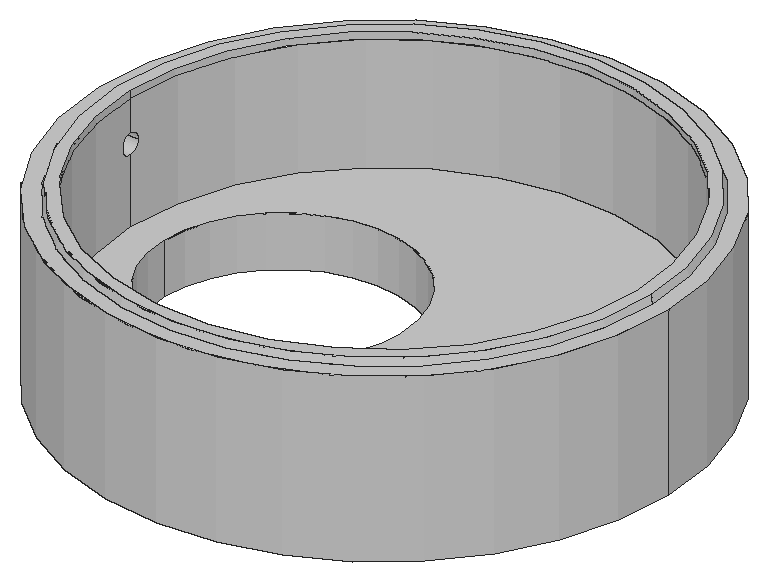
Revit family "KSPF.V 15.5", category Фундамент несущей конструкции, Revit 2025
Family settings
  Материал для поведения модели = Прочее
  Заглушка = Нет
  Номер OmniClass = 23.25.05.00
  Заголовок OmniClass = Foundations
  На основе рабочей плоскости = Нет
  Всегда вертикально = Да
  При загрузке вырезать с полостями = Нет
  Общий = Нет
  Показывать семейство разрезанным на планах = Да
Parameters
  Петля = Петля_П1_П2 : П2
Reference planes
  plane 1 "По центру (Вперед/Назад)": y = -35
  plane 2: z = 0
  plane 3 "По центру (Влево/Вправо)": x = 0
  plane 4: z = 510
  plane 5: z = 490
  plane 6: z = 480
  plane 7: x = -750
  plane 8: x = -840
  plane 9: x = 750
  plane 10: x = 840
  plane 11: z = 370
  plane 12: x = 830
  plane 13: x = -830
  plane 14: x = -786
  plane 15: through (-793.35, -4572, 490) normal (-0.9386, 0, 0.3449)
  plane 16: x = 786
  plane 17: through (793.35, -4572, 490) normal (-0.9386, 0, -0.3449)
  plane 18: z = 150
  plane 19: x = -650
  plane 20: x = 50
  plane 21: x = -300
Forms (mm)
  Extrusion 1, solid, material "Бетон В15"
    sketch origin (0, 0, 0) x (1, 0, 0) y (0, 1, 0)
      loop
        circle (0, -35) r 840
      loop
        circle (0, -35) r 750
    from 0 to 490
  Extrusion 2, void
    sketch origin (0, 0, 0) x (0, 1, 0) y (0, 0, 1)
      loop
        circle (-35, 370) r 30
    from -830 to 830
  Blend 3, solid, material "Бетон В15"
    base sketch origin (0, 0, 0) x (1, 0, 0) y (0, 1, 0)
      loop
        circle (0, -35) r 793.35
    top sketch origin (0, 0, 0) x (1, 0, 0) y (0, 1, 0)
      loop
        circle (0, -35) r 786
    from 490 to 510
  Extrusion 4, void
    sketch origin (0, 0, 0) x (1, 0, 0) y (0, 1, 0)
      loop
        circle (0, -35) r 750
    from 490 to 510
  Extrusion 5, solid, material "Бетон В15"
    sketch origin (0, 0, 0) x (1, 0, 0) y (0, 1, 0)
      loop
        circle (0, -35) r 750
      loop
        circle (-300, -35) r 350
    from 0 to 150
Cuts and joins
  Extrusion 2, Extrusion 4 cuts Extrusion 1
  Extrusion 4 cuts Blend 3
  joined: Extrusion 1, Blend 3, Extrusion 5
Dimensions and locks
  plane 4 to level = 510 mm
  plane 11 to level = 370 mm
  aligned and locked: plane 2 to level
